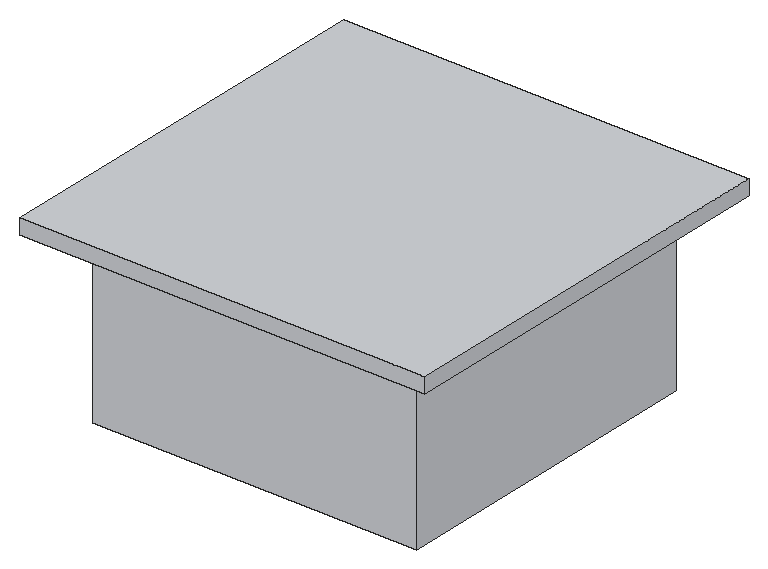
Revit family "855d4e6bedc447a9b778a6509ae72247", category Fire Alarm Devices, host Face, Revit 2021
Family settings
  Host = Face
  Maintain Annotation Orientation = Yes
  Round Connector Dimension = Use Diameter
  Part Type = Normal
  OmniClass Number = 23.85.30.21.11.17
  OmniClass Title = Other Components
  Seek Item ID = Fire Alarm Horn - Ceiling Mounted-0000-USA-ENU
  Cut with Voids When Loaded = No
  Shared = No
  Room Calculation Point = No
Parameters (values of type "Standard")
  Material = none
  Default Elevation = 4' - 0"
Reference planes (in)
  plane 1 "Center (Front/Back)": y = 0
  plane 2: z = 0
  plane 3 "Center (Left/Right)": x = 0
  plane 4: x = -2.5
  plane 5: x = 2.5
  plane 6: y = 2.5
  plane 7: y = -2.5
  plane 8: z = 0.1875
  plane 9: z = -2.125
  plane 10: y = 2
  plane 11: y = -2
  plane 12: x = -2
  plane 13: x = 2
Forms (in)
  Extrusion 1, solid, material <- "Material"
    sketch origin (0, 0, 0) x (1, 0, 0) y (0, 1, 0)
      loop
        line (-2.5, 2.5) -> (-2.5, -2.5) -> (2.5, -2.5) -> (2.5, 2.5) -> (-2.5, 2.5)
    from 0 to 0.1875
  Extrusion 2, solid, material <- "Material"
    sketch origin (0, 0, 0) x (1, 0, 0) y (0, 1, 0)
      loop
        line (-2, 2) -> (-2, -2) -> (2, -2) -> (2, 2) -> (-2, 2)
    from 0 to -2.125
Lines and regions (in)
  symbolic lines, detail levels fine
    curve 1: line (2.5, 2.5, 0) -> (-2.5, 2.5, 0)
    curve 2: line (-2.5, 2.5, 0) -> (-2.5, -2.5, 0)
    curve 3: line (2.5, -2.5, 0) -> (2.5, 2.5, 0)
    curve 4: line (-2.5, -2.5, 0) -> (2.5, -2.5, 0)
Dimensions and locks (in)
  equal spacing: plane 4, plane 3 "Center (Left/Right)", plane 5
  equal spacing: plane 6, plane 1 "Center (Front/Back)", plane 7
  locked: plane 4 to plane 5 at 5
  locked: plane 6 to plane 7 at 5
  locked: plane 8 to plane 2 at 0.1875
  locked: plane 2 to plane 9 at 2.125
  equal spacing: plane 12, plane 3 "Center (Left/Right)", plane 13
  equal spacing: plane 10, plane 1 "Center (Front/Back)", plane 11
  locked: plane 10 to plane 11 at 4
  locked: plane 12 to plane 13 at 4
  aligned and locked: plane 2 to host face
  aligned and locked: level to host face
  aligned and locked: Extrusion 1 to plane 4
  aligned and locked: plane 5 to Extrusion 1
  aligned and locked: plane 6 to Extrusion 1
  aligned and locked: Extrusion 1 to plane 7
  aligned and locked: plane 8 to Extrusion 1
  aligned and locked: Extrusion 1 to plane 2
  aligned and locked: plane 2 to Extrusion 2
  aligned and locked: Extrusion 2 to plane 9
  aligned and locked: Extrusion 2 to plane 12
  aligned and locked: plane 13 to Extrusion 2
  aligned and locked: plane 10 to Extrusion 2
  aligned and locked: Extrusion 2 to plane 11
  aligned and locked: plane 1 "Center (Front/Back)" to nested 1
  aligned and locked: nested 1 to plane 3 "Center (Left/Right)"
  aligned and locked: curve 1 to Extrusion 1
  aligned and locked: curve 2 to Extrusion 1
  aligned and locked: curve 3 to Extrusion 1
  aligned and locked: curve 4 to Extrusion 1
Automatic sketch dimensions
  host sketch curve to host sketch curve = 8' - 0"  (x2)
  plane 4 to Extrusion 1 sketch curve = 0' - 0"
  plane 3 "Center (Left/Right)" to Extrusion 1 sketch curve = 0' - 2 1/2"
  plane 7 to Extrusion 1 sketch curve = 0' - 0"
  Extrusion 1 sketch curve to plane 1 "Center (Front/Back)" = 0' - 2 1/2"
  Extrusion 2 sketch curve to plane 3 "Center (Left/Right)" = 0' - 2"
  plane 3 "Center (Left/Right)" to Extrusion 2 sketch curve = 0' - 2"
  plane 1 "Center (Front/Back)" to Extrusion 2 sketch curve = 0' - 2"
  Extrusion 2 sketch curve to plane 6 = 0' - 0 1/2"
Nested families (in)
  nested 1: "Fire Alarm Horn Annotation" at (0, 0, 0), type "Fire Alarm Horn Annotation", detail levels coarse+medium
Connectors (in)
  electrical at (0, 2, -1.0625)
    settings: on Extrusion 2, index 1, voltage 0 V, apparent load 0 VA, apparent load phase1 0 VA, apparent load phase2 0 VA, apparent load phase3 0 VA, power factor 1, load classification "Other", number of poles 1, system type 11, power factor state 1, is connector primary yes, connector utility no, sub classification motor no, connector description ""
Definition of nested family "Fire Alarm Horn Annotation"
  Parameters
    Label Annotation = "F"
  Reference planes (in)
    plane 1: y = 0
    plane 2: x = 0
  Lines and regions (in)
    reference lines
      curve 1: line (-0.125, 1.21278, 0) -> (-0.125, -0.18568, 0)
      curve 2: line (0, 1.42732, 0) -> (0, -0.18568, 0)
      curve 7: line (0.125, 0.24779, 0) -> (0.125, -0.14868, 0)
    detail lines
      curve 3: line (-0.125, 0.0625, 0) -> (0, 0.0625, 0)
      curve 4: line (-0.125, -0.0625, 0) -> (-0.125, 0.0625, 0)
      curve 5: line (0, -0.0625, 0) -> (-0.125, -0.0625, 0)
      curve 6: line (0, 0.0625, 0) -> (0, -0.0625, 0)
      curve 8: line (0.125, 0.0625, 0) -> (0.125, -0.0625, 0)
      curve 9: line (0, 0, 0) -> (0.125, 0.0625, 0)
      curve 10: line (0, 0, 0) -> (0.125, -0.0625, 0)
  Text (in)
    label "F" at (-0.104, -0.00266, 0), shows "Label Annotation"
  Dimensions and locks (in)
    locked: curve 2 to curve 7 at 0.125
    locked: curve 1 to curve 2 at 0.125
    locked: curve 2 to plane 2
    equal spacing: curve 5, plane 1, curve 3
    locked: plane 1 to curve 3 at 0.0625
    aligned and locked: curve 2 to curve 6
    aligned and locked: curve 4 to curve 1
    aligned and locked: curve 7 to curve 8
    aligned and locked: curve 7 to curve 9
    aligned and locked: curve 2 to curve 9
    aligned and locked: curve 7 to curve 10
    aligned and locked: curve 2 to curve 10
